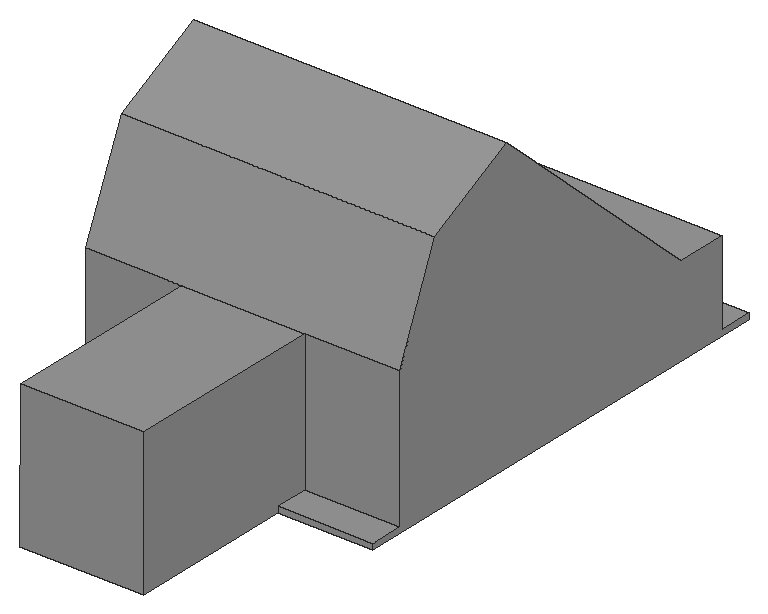
Revit family "Urinal-Willoughby-1814-UW-WO-FA-BS", category Plumbing Fixtures, Revit 2015
Parameters (values of type "Standard")
  Waste DIA = 1 1/2"
  Waste Connection = yes
  Vent Connection = no
  URL = "https://www.willoughby-ind.com/wp-content/uploads/2018/01/UW-1814-WO-FA.pdf"
  Type Comments = ""
  Revision = "A"
  Model = "UW-1814-WO-FA-BS"
  Manufacturer = "Willoughby Industries"
  HW Connection = no
  Flush Inlet DIA = 3/4"
  Flush Inlet Connection = yes
  Fixture Body = Stainless Steel AISI 304-Willoughby
  Description = "Washout Trough Urinal, Front Access, Back Spud"
  Default Elevation = 1' - 2"
  Contact Info. = "(800) 428-4065"
  CW Connection = no
Reference planes (in)
  plane 1 "Center (Front/Back)": y = 0
  plane 2: z = 0
  plane 3 "Center (Left/Right)": x = 0
Forms (in)
  Extrusion 1, solid, material "Stainless Steel AISI 304-Willoughby" <- "Fixture Body"
    sketch origin (0, 0, 0) x (1, 0, 0) y (0, 0, 1)
      loop
        line (-7, 4) -> (-7, 0) -> (7, 0) -> (7, 4) -> (-7, 4)
    from -18 to 0
  Extrusion 2, solid, material "Stainless Steel AISI 304-Willoughby" <- "Fixture Body"
    sketch origin (0, 0, -0.06446) x (0, 1, 0) y (0, 0, 1)
      loop
        line (0, 4.06446) -> (15.75, 4.06446) -> (6, 13.06446) -> (2, 11.06446) -> (0, 6.56446) -> (0, 4.06446)
    from -7 to 7
  Extrusion 3, void, detail levels fine
    sketch origin (0, 0, 0) x (1, 0, 0) y (0, 0, 1)
      loop
        line (6.375, 12.375) -> (-6.375, 12.375) -> (-6.375, 2) -> (6.375, 2) -> (6.375, 12.375)
    from -5.08704 to -15.71619
  Extrusion 4, solid, material "Stainless Steel AISI 304-Willoughby" <- "Fixture Body"
    sketch origin (0, 0, 0) x (0, 1, 0) y (0, 0, 1)
      loop
        line (0, 6.5) -> (-9, 6.5) -> (-9, 0) -> (0, 0) -> (0, 6.5)
    from -2.75 to 2.75
  Extrusion 5, solid, material "Stainless Steel AISI 304-Willoughby" <- "Fixture Body"
    sketch origin (0, 4, 0.25) x (1, 0, 0) y (0, 1, 0)
      loop
        circle (0, 12.75) r 0.375
    from -0.25 to 0.44537
  Extrusion 6, solid, material "Stainless Steel AISI 304-Willoughby" <- "Fixture Body"
    sketch origin (0, 0, 0) x (0, 1, 0) y (0, 0, 1)
      loop
        line (18, 0) -> (19.5, 0) -> (19.5, 0.25) -> (18, 0.25) -> (18, 0)
    from -7 to 7
  Extrusion 7, solid, material "Stainless Steel AISI 304-Willoughby" <- "Fixture Body"
    sketch origin (0, -19.5, 0) x (0, 1, 0) y (0, 0, 1)
      loop
        line (18, 0) -> (19.5, 0) -> (19.5, 0.25) -> (18, 0.25) -> (18, 0)
    from -7 to 7
  Extrusion 8, solid, material "Stainless Steel AISI 304-Willoughby" <- "Fixture Body"
    sketch origin (0, 0, 0) x (1, 0, 0) y (0, 1, 0)
      loop
        circle (0, -3.75) r 0.75
    from 0 to 1.04007
Cuts and joins
  Extrusion 3 cuts Extrusion 1
  Extrusion 3 cuts Extrusion 2
  joined: Extrusion 1, Extrusion 2, Extrusion 4, Extrusion 6, Extrusion 7
Lines and regions (in)
  symbolic lines
    curve 1: line (-7, -1.5, 0) -> (-7, 19.5, 0)
    curve 2: line (-7, 19.5, 0) -> (7, 19.5, 0)
    curve 3: line (7, 19.5, 0) -> (7, 0, 0)
    curve 4: line (7, 0, 0) -> (7, -1.5, 0)
    curve 5: line (7, -1.5, 0) -> (2.75, -1.5, 0)
    curve 6: line (-2.75, -1.5, 0) -> (-7, -1.5, 0)
    curve 7: line (2.75, 0, 0) -> (2.75, -9, 0)
    curve 8: line (2.75, -9, 0) -> (-2.75, -9, 0)
    curve 9: line (-2.75, -9, 0) -> (-2.75, 0, 0)
    curve 10: line (7, 0, 0) -> (-7, 0, 0)
    curve 13: line (7, 18, 0) -> (-7, 18, 0)
    curve 14: line (7, 15.75, 0) -> (-7, 15.75, 0)
    curve 18: line (-7, 0, 0) -> (7, 0, 0)
    curve 19: line (7, 0, 0) -> (7, 0, 13)
    curve 20: line (7, 0, 13) -> (-7, 0, 13)
    curve 21: line (-7, 0, 13) -> (-7, 0, 0)
    curve 23: line (7, 0, 4) -> (-7, 0, 4)
    curve 27: line (0, -9, 0) -> (0, 19.5, 0)
    curve 28: line (0, 19.5, 0) -> (0, 19.5, 0.25)
    curve 29: line (0, 19.5, 0.25) -> (0, 18, 0.25)
    curve 30: line (0, 18, 0.25) -> (0, 18, 4)
    curve 31: line (0, 18, 4) -> (0, 15.75, 4)
    curve 32: line (0, 15.75, 4) -> (0, 6, 13)
    curve 33: line (0, 6, 13) -> (0, 2, 11)
    curve 34: line (0, 2, 11) -> (0, 0, 6.5)
    curve 35: line (0, 0, 6.5) -> (0, 0, 0.25)
    curve 36: line (0, 0, 0.25) -> (0, -1.5, 0.25)
    curve 37: line (0, -1.5, 0.25) -> (0, -1.5, 0)
    curve 38: line (0, 0, 6.5) -> (0, -9, 6.5)
    curve 39: line (0, -9, 6.5) -> (0, -9, 0)
  symbolic lines, detail levels medium+fine
    curve 11: line (7, 2, 0) -> (-7, 2, 0)
    curve 12: line (7, 6, 0) -> (-7, 6, 0)
    curve 22: line (-7, 0, 0.25) -> (7, 0, 0.25)
  symbolic lines, detail levels fine
    curve 15: line (6.375, 15.75, 0) -> (6.375, 6.67708, 0)
    curve 16: line (6.375, 6.67708, 0) -> (-6.375, 6.67708, 0)
    curve 17: line (-6.375, 6.67708, 0) -> (-6.375, 15.75, 0)
    curve 24: line (6.375, 0, 4) -> (6.375, 0, 12.375)
    curve 25: line (6.375, 0, 12.375) -> (-6.375, 0, 12.375)
    curve 26: line (-6.375, 0, 12.375) -> (-6.375, 0, 4)
Dimensions and locks (in)
  aligned and locked: cut or joined group of Extrusion 1, Extrusion 2, Extrusion 3, Extrusion 4, Extrusion 6, Extrusion 7 to cut or joined group of Extrusion 1, Extrusion 2, Extrusion 3, Extrusion 4, Extrusion 6, Extrusion 7  (x5)
  aligned and locked: cut or joined group of Extrusion 1, Extrusion 2, Extrusion 3, Extrusion 4, Extrusion 6, Extrusion 7 to level
Connectors (in)
  piping at (0, 16.75, 0), diameter 0.75, driven by "Flush Inlet Connection", driven by "Flush Inlet DIA"
    settings: on Extrusion 5, index 2, connector inside diameter 3/4", connector length 0' - 0", flow factor 0, pipe flow 0 GPM, pressure drop 0.00 psi, fitting loss kfactor 0, connector angle 0.00°, fixture units 0, engagement length 0' - 0", angle of deflection 0.00°, flow configuration 0, flow direction 1, fitting loss method 0, system type 20, joint type 0, gender type 0, connector reference index -1, connector utility 1, adjustable connector no, is connector primary yes, connector description "Flush Inlet"
  piping at (0, -3.75, 0), diameter 1.5, driven by "Waste Connection", driven by "Waste DIA"
    settings: on Extrusion 8, index 3, connector inside diameter 1 1/2", connector length 0' - 0", flow factor 0, pipe flow 0 GPM, pressure drop 0.00 psi, fitting loss kfactor 0, connector angle 0.00°, fixture units 0, engagement length 0' - 0", angle of deflection 0.00°, flow configuration 0, flow direction 2, fitting loss method 0, system type 16, joint type 0, gender type 0, connector reference index -1, connector utility 1, adjustable connector yes, is connector primary no, connector description "Urinal Waste"
